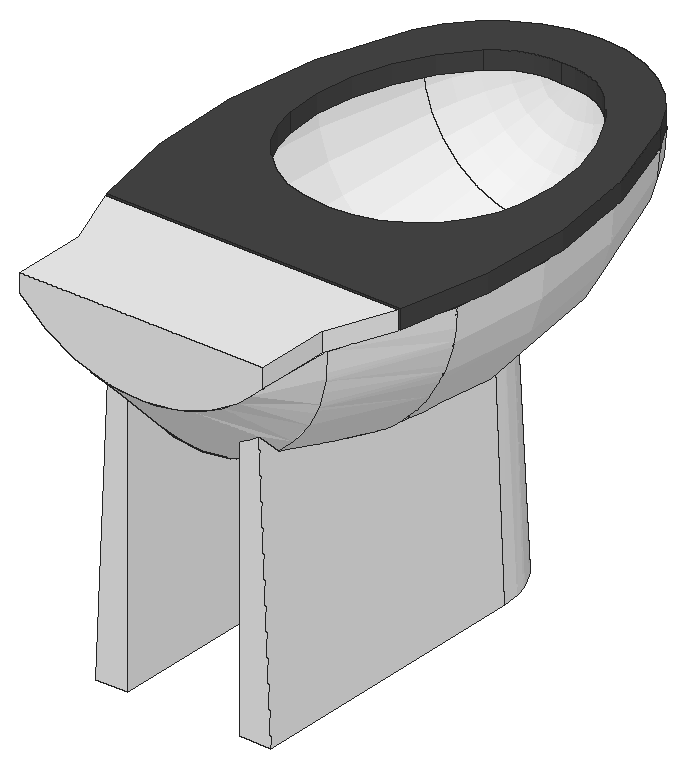
Revit family
Parameters (values of type "Back to Wall")
  Material Toilet = Porcelain
  Material Seat = Plastic - Black
Reference planes
  plane 1 "Wall": y = 0
  plane 2 "Center (Left/Right)": x = 125
  plane 3 "Back": y = 75
Text (mm)
  text "Placement side" at (-1848.837, 1116.779, 0), in view "Ref. Level"
  text "Placement side" at (0, 1409.804, 2854.306), in view "Left"
  text "Placement side" at (0, 499.811, 2980.732), in view "Right"
Dimensions and locks
  locked: plane 3 "Back" to host wall
  aligned and locked: plane 1 "Wall" to host wall
  aligned and locked: nested 1 to plane 3 "Back"
  aligned and locked: nested 1 to plane 2 "Center (Left/Right)"
Nested families
  nested 1: "UK_Toilet" at (125, 75, 0) x (-1, 0, 0) z (0, 0, 1), type "540 x 360mm"
Definition of nested family "UK_Toilet"
  Parameters (values of type "540 x 360mm")
    Material Seat = Plastic - Black
    Material SanitaryWare = Porcelain
    Manufacturer = "Revit"
    Assembly Code = "D2010110"
  Reference planes
    plane 1 "Center (Front/Back)": y = 0
    plane 2: z = 0
    plane 3 "Center (Left/Right)": x = 0
  Forms (mm)
    Revolve 1, solid, material "Porcelain" <- "Material SanitaryWare"
      sketch origin (0, -87.423, 390) x (1, 0, 0) y (0, 1, 0)
        loop
          arc (-174.247, -124.9) -> (-179.514, -290.639) -> (-135.875, -450.617) r 558.391
          arc (-135.875, -450.617) -> (-81.121, -515.376) -> (0, -540.098) r 150.021
          line (0, -540.098) -> (0, -520.097)
          arc (0, -520.097) -> (-70.198, -498.622) -> (-117.576, -442.547) r 130.021
          arc (-117.576, -442.547) -> (-159.862, -286.482) -> (-153.903, -124.9) r 538.391
          line (-153.903, -124.9) -> (-174.247, -124.9)
        axis (0, -540.098) -> (0, -124.9)
      angle from 0 to 180
    Extrusion 2, solid, material "Plastic - Black" <- "Material Seat"
      sketch origin (0, -87.423, 410) x (1, 0, 0) y (0, 1, 0)
        loop
          arc (-135.875, -450.617) -> (-81.121, -515.376) -> (0, -540.098) r 150.021
          arc (0, -540.098) -> (81.121, -515.376) -> (135.875, -450.617) r 150.021
          arc (135.875, -450.617) -> (182.253, -260.283) -> (160.035, -65.644) r 558.391
          line (160.035, -65.644) -> (-160.035, -65.644)
          arc (-160.035, -65.644) -> (-182.253, -260.283) -> (-135.875, -450.617) r 558.391
        loop
          arc (0, -164.798) -> (-83.195, -195.45) -> (-126.613, -272.753) r 128.221
          arc (-126.613, -272.753) -> (-119.024, -374.181) -> (-66.602, -461.341) r 219.88
          arc (-66.602, -461.341) -> (-36.05, -480.987) -> (0, -485.429) r 81.602
          arc (0, -485.429) -> (36.05, -480.987) -> (66.602, -461.341) r 81.602
          arc (66.602, -461.341) -> (119.024, -374.181) -> (126.613, -272.753) r 219.88
          arc (126.613, -272.753) -> (115.473, -237.275) -> (94.621, -206.485) r 128.221
          arc (94.621, -206.485) -> (51.698, -175.681) -> (0, -164.798) r 128.221
      from -20 to 0
    Blend 3, solid, material "Porcelain" <- "Material SanitaryWare"
      base sketch origin (0, -212.324, 390) x (0, 0, -1) y (-1, 0, 0)
        loop
          line (0, 174.247) -> (0, -174.247)
          arc (0, -174.247) -> (174.247, 0) -> (0, 174.247) r 174.247
      top sketch origin (0, -212.324, 390) x (0, 0, -1) y (-1, 0, 0)
        loop
          line (0, 135.875) -> (0, -135.875)
          spline (0, -135.875) -> (37.529, -131.246) -> (72.5, -117.672) -> (102.53, -96.078) -> (125.574, -67.938) -> (140.059, -35.167) -> (145, 0) -> (140.059, 35.167) -> (125.574, 67.938) -> (102.53, 96.078) -> (72.5, 117.672) -> (37.529, 131.246) -> (0, 135.875)
      from 0 to 129.257
    Sweep 4, solid, material "Porcelain" <- "Material SanitaryWare"
      path origin (0, -87.423, 0) x (1, 0, 0) y (0, 1, 0)
        loop
          line (-81.095, 30.427) -> (-81.095, -289.573)
          arc (-81.095, -289.573) -> (0, -370.668) -> (81.095, -289.573) r 81.095
          line (81.095, -289.573) -> (81.095, 30.427)
      profile origin (0, -216.996, 0) x (1, 0, 0) y (0, 0, 1)
        loop
          line (-95, 0) -> (-61.095, 0) -> (-61.095, 325.717) -> (-81.095, 325.717) -> (-95, 0)
    Blend 5, solid, material "Porcelain" <- "Material SanitaryWare"
      base sketch origin (0, -83.067, 390) x (0, 0, -1) y (-1, 0, 0)
        loop
          arc (0, -135.875) -> (143.585, 0) -> (0, 135.875) r 136.082
          line (0, 135.875) -> (0, -135.875)
      top sketch origin (0, -83.067, 390) x (0, 0, -1) y (-1, 0, 0)
        loop
          arc (0, -132.482) -> (58.66, 0) -> (0, 132.482) r 178.934
          line (0, 132.482) -> (0, -132.482)
      from 0 to 83.067
    Revolve 6, void
      sketch origin (0, -87.423, 390) x (1, 0, 0) y (0, 1, 0)
        loop
          arc (-133.932, 4.356) -> (-183.344, -222.923) -> (-135.875, -450.617) r 558.391
          arc (-135.875, -450.617) -> (-81.121, -515.376) -> (0, -540.098) r 150.021
          line (0, -540.098) -> (0, 4.356) -> (-133.932, 4.356)
        axis (0, -540.098) -> (0, 4.356)
      angle from 0 to 180
    Extrusion 7, solid, material "Porcelain" <- "Material SanitaryWare"
      sketch origin (0, 75.451, 0) x (1, 0, 0) y (0, 1, 0)
        loop
          arc (-132.482, -155.332) -> (-147.059, -190.166) -> (-159.249, -225.906) r 558.391
          line (-159.249, -225.906) -> (159.249, -225.906)
          arc (159.249, -225.906) -> (147.059, -190.166) -> (132.482, -155.332) r 558.391
          line (132.482, -155.332) -> (132.482, -75.451) -> (0, -75.451) -> (-132.482, -75.451) -> (-132.482, -155.332)
      from 390 to 410
  Cuts and joins
    Revolve 6 cuts Sweep 4
    joined: Revolve 1, Blend 3, Sweep 4, Blend 5, Extrusion 7
  Lines and regions (mm)
    symbolic lines
      curve 1: line (-30.78, -342.78, 0) -> (30.78, -342.78, 0)
      curve 2: line (30.78, -342.78, 0) -> (43.112, -355.112, 0)
      curve 3: arc (43.112, -355.112, 0) -> (56.291, -378.448, 0) -> (55.525, -405.238, 0) r 50
      curve 4: arc (55.525, -405.238, 0) -> (0.001, -446.188, 0) -> (-55.525, -405.242, 0) r 58.12
      curve 5: arc (-55.525, -405.242, 0) -> (-56.292, -378.45, 0) -> (-43.113, -355.112, 0) r 50
      curve 6: line (-43.113, -355.112, 0) -> (-30.78, -342.78, 0)
      curve 7: arc (-132.482, -79.881, 0) -> (-183.334, -308.596, 0) -> (-135.875, -538.04, 0) r 558.391
      curve 8: arc (-135.875, -538.04, 0) -> (-81.121, -602.799, 0) -> (0, -627.521, 0) r 150.021
      curve 9: arc (0, -627.521, 0) -> (81.121, -602.799, 0) -> (135.875, -538.04, 0) r 150.021
      curve 10: arc (135.875, -538.04, 0) -> (183.334, -308.596, 0) -> (132.482, -79.881, 0) r 558.391
      curve 11: arc (-66.602, -548.764, 0) -> (-119.024, -461.604, 0) -> (-126.613, -360.177, 0) r 219.88
      curve 12: arc (-126.613, -360.177, 0) -> (-83.195, -282.873, 0) -> (0, -252.221, 0) r 128.221
      curve 13: arc (0, -252.221, 0) -> (51.698, -263.104, 0) -> (94.621, -293.908, 0) r 128.221
      curve 14: arc (94.621, -293.908, 0) -> (115.473, -324.698, 0) -> (126.613, -360.177, 0) r 128.221
      curve 15: arc (126.613, -360.177, 0) -> (119.024, -461.604, 0) -> (66.602, -548.764, 0) r 219.88
      curve 16: arc (66.602, -548.764, 0) -> (36.05, -568.41, 0) -> (0, -572.852, 0) r 81.602
      curve 17: arc (0, -572.852, 0) -> (-36.05, -568.41, 0) -> (-66.602, -548.764, 0) r 81.602
      curve 18: line (-132.482, 0, 0) -> (-132.482, -79.881, 0)
      curve 19: line (132.482, -79.881, 0) -> (132.482, 0, 0)
      curve 20: line (132.482, 0, 0) -> (-132.482, 0, 0)
      curve 21: line (-159.249, -150.455, 0) -> (159.249, -150.455, 0)
  Dimensions and locks
    aligned and locked: Extrusion 2 to Revolve 1
    aligned and locked: cut or joined group of Revolve 1, Blend 3, Sweep 4, Blend 5, Revolve 6, Extrusion 7 to Extrusion 7
    aligned and locked: Extrusion 7 to Extrusion 2
    aligned and locked: curve 18 to cut or joined group of Revolve 1, Blend 3, Sweep 4, Blend 5, Revolve 6, Extrusion 7
    aligned and locked: curve 19 to cut or joined group of Revolve 1, Blend 3, Sweep 4, Blend 5, Revolve 6, Extrusion 7
    aligned and locked: curve 20 to cut or joined group of Revolve 1, Blend 3, Sweep 4, Blend 5, Revolve 6, Extrusion 7
    aligned and locked: curve 21 to cut or joined group of Revolve 1, Blend 3, Sweep 4, Blend 5, Revolve 6, Extrusion 7
